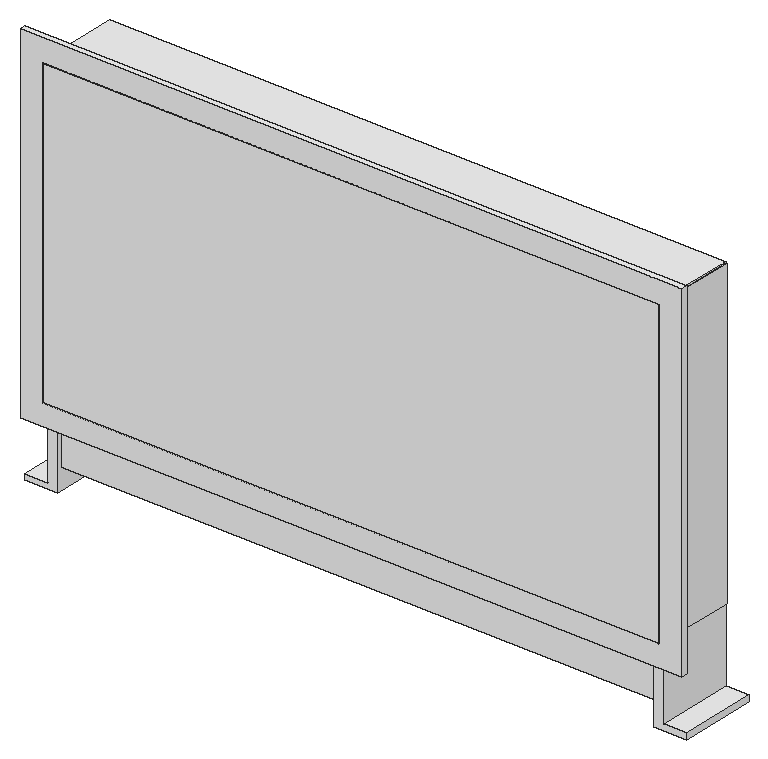
Revit family "1R553FPDB 1031IT_HIGH FLOW", category Pipe Accessories, Revit 2018
Family settings
  Round Connector Dimension = Use Diameter
  Part Type = Normal
  OmniClass Number = 23.65.00.00
  OmniClass Title = Supply and Distribution of Liquids and Gases
  Work Plane-Based = No
  Always vertical = Yes
  Cut with Voids When Loaded = No
  Shared = No
Parameters (values of type "R553FPDB272")
  URL = "https://www.giacomini.com/en"
  T = 35 mm
  Product specification = "Pre-assembled modular manifold with dynamic balancing. Connections: 1” x 3/4”E. Consisting of: technopolymer delivery\r\nmanifold with fl ow meters with double scale 0,5÷5 l/min&0,15÷1,5 GPM, and fl uid shut-off function; technopolymer return\r\nmanifold with dynamic fl ow balancing valves (membrane with black color) and manual handwheel pre-arranged for thermoelectric\r\nactuators. Multifunction valves with drain cock, automatic air vent valve, thermometer and shut-off valve. EPDM\r\ngaskets. Galvanised steel brackets for manifolds. Fluids: water, glycol solutions (max. 30%). Center distance between outlets:\r\n50 mm. Temperature range: 5÷60 °C. Max. working pressure: 6 bar (10 bar for system testing). Max. diff erential pressure with\r\nthermo-electric actuators installed: 1,5 bar. Flow rate setting range for each individual circuit: 10÷1250 l/h. Working diff erential\r\npressure range: 30/40÷150 kPa.\r\n"  # constant formula
  P = 500 mm
  O = 190 mm
  N = 179 mm
  Model = "R553FPDB272"
  Metal Door [instance] = yes
  Metal Box [instance] = yes
  Manufacturer = "Giacomini S.p.A."  # constant formula
  Manifold 9 = 438 mm
  Manifold 8 = 388 mm
  Manifold 7 = 338 mm
  Manifold 6 = 288 mm
  Manifold 5 = 238 mm
  Manifold 4 = 188 mm
  Manifold 3 = 138 mm
  Manifold 2 = 88 mm
  Manifold 12 = yes
  Manifold 11 = yes
  Manifold 10 = yes
  Manifold 09 = yes
  Manifold 08 = yes
  Manifold 07 = yes
  Manifold 06 = yes
  Manifold 05 = yes
  Manifold 03 = yes
  Manifold 04 = yes
  Manifold .12 = 588 mm
  Manifold .11 = 538 mm
  Manifold .10 = 488 mm
  M = 50 mm
  Logo [instance] = no
  L1 = 1068 mm
  L = 758 mm
  I = 50 mm
  H2 = 492 mm
  H1 = 562 mm
  H = 406.83 mm
  F = 109 mm
  E = 208 mm
  Description = "Preassembled manifold for HVAC systems "  # constant formula
  D = 95 mm
  Capitolato prodotto = "Collettore premontato modulare con bilanciamento dinamico della portata. Attacchi: G 1”F x 3/4”E. Composto da: un\r\ncollettore di mandata in tecnopolimero, con misuratori di portata con doppia scala 0,5÷5 l/min e 0,15÷1,5 GPM, con funzione\r\ndi intercettazione del fl uido; un collettore di ritorno in tecnopolimero, con valvole di bilanciamento dinamico della portata con\r\nmembrana di colore nero e volantino manuale, predisposte per comando elettrotermico; valvole multifunzione con rubinetto\r\ndi scarico, valvola automatica di sfogo aria e valvola di intercettazione a sfera. Guarnizioni in EPDM. Supporti collettori in\r\nacciaio zincato. Fluidi di impiego: acqua, soluzioni glicolate (max. 30 %). Interasse tra gli stacchi 50 mm. Campo di temperatura\r\n5÷60 °C. Pressione massima di esercizio: 6 bar. Pressione diff erenziale massima con teste elettrotermiche montate: 1,5 bar.\r\nCampo di regolazione della portata sul singolo circuito: 10÷250 l/h. Campo di pressione diff erenziale di funzionamento:\r\n30/40÷150 kPa.\r\n"  # constant formula
  C = 43 mm
  Bracket [instance] = yes
  A = 165 mm
Reference planes
  plane 1 "Center (Front/Back)": y = 0
  plane 2: z = 0
  plane 3 "Center (Left/Right)": x = 0
  plane 4: y = -35
  plane 5: x = 38
  plane 6: z = 277.057
  plane 7: z = 59
  plane 8: x = 63
  plane 9: x = 563
  plane 10: x = 88
  plane 11: x = 138
  plane 12: x = 188
  plane 13: x = 238
  plane 14: x = 288
  plane 15: x = 338
  plane 16: x = 388
  plane 17: x = 438
  plane 18: x = 488
  plane 19: x = 538
  plane 20: y = -86
  plane 21: z = 69.057
  plane 22: z = 145.574
  plane 23: z = 195.574
  plane 24: y = -100
  plane 25: x = 341
  plane 26: x = -170.5
  plane 27: x = 85.25
  plane 28: z = 436.17
  plane 29: z = -55.83
  plane 30: z = 190.17
  plane 31: x = -127
  plane 32: z = -9.83
  plane 33: z = 64.057
  plane 34: x = -127
  plane 35: z = 85.17
  plane 36: x = 174.088
  plane 37: x = 631
Forms (mm)
  Extrusion 1, solid, material "Giacomini Box", visible <- "Metal Door"
    sketch origin (0, 0, 0) x (1, 0, 0) y (0, 0, 1)
      loop
        line (-170.5, 436.17) -> (-170.5, -55.83) -> (823.5, -55.83) -> (823.5, 436.17) -> (-170.5, 436.17)
    from 125 to 135
  Revolve 2, solid, material "Giacomini Gray"
    sketch origin (0, -36.815, 200.625) x (1, 0, 0) y (0, 0, 1)
      loop
        line (21.396, 76.43) -> (21.396, 95.421) -> (19.2, 95.421) -> (17.792, 96.829) -> (1.754, 96.829) -> (0.346, 95.421) -> (-2.5, 95.421) -> (-7.037, 90.884) -> (-37.986, 90.884) -> (-37.986, 76.43) -> (21.396, 76.43)
      axis (-37.986, 76.43) -> (21.396, 76.43)
    angle from 0 to 360
  Revolve 3, solid, material "Giacomini Gray"
    sketch origin (2.5, -54.315, 8.741) x (1, 0, 0) y (0, 0, 1)
      loop
        line (21.396, 76.43) -> (21.396, 95.421) -> (19.2, 95.421) -> (17.792, 96.829) -> (1.754, 96.829) -> (0.346, 95.421) -> (-2.5, 95.421) -> (-7.037, 90.884) -> (-40.486, 90.884) -> (-40.486, 76.43) -> (21.396, 76.43)
      axis (-40.486, 76.43) -> (21.396, 76.43)
    angle from 0 to 360
Dimensions and locks
  "T": plane 1 "Center (Front/Back)" to plane 4
  plane 6 to plane 21 = 208 mm
  "P": plane 8 to plane 9
  plane 10 to plane 5 = 50 mm
  "Manifold 3": plane 11 to plane 3 "Center (Left/Right)"
  "Manifold 4": plane 3 "Center (Left/Right)" to plane 12
  "Manifold 5": plane 3 "Center (Left/Right)" to plane 13
  "Manifold 6": plane 3 "Center (Left/Right)" to plane 14
  "Manifold 7": plane 3 "Center (Left/Right)" to plane 15
  "Manifold 8": plane 3 "Center (Left/Right)" to plane 16
  "Manifold 9": plane 3 "Center (Left/Right)" to plane 17
  "Manifold .10": plane 3 "Center (Left/Right)" to plane 18
  "Manifold .11": plane 3 "Center (Left/Right)" to plane 19
  "Manifold 2": plane 3 "Center (Left/Right)" to plane 10
  "M": plane 23 to plane 22
  nested 2 to plane 23 = 179 mm
  plane 10 to plane 11 = 50 mm
  locked: plane 3 "Center (Left/Right)" to nested 22 at 207.5
  equal spacing: plane 28, plane 30, plane 29
  equal spacing: plane 26, plane 27, plane 25
  "O": plane 31 to plane 8
  "H": nested 2 to plane 32
  "A": plane 5 to plane 31
  plane 8 to plane 25 = 278 mm  (x2)
  plane 8 to nested 24 = 190 mm
  plane 35 to plane 32 = 95 mm
  plane 36 to nested 23 = 301.088 mm
  "L": plane 37 to plane 31
  plane 1 "Center (Front/Back)" to nested 23 = 53.75 mm
  aligned and locked: level to plane 2
  aligned and locked: nested 2 to plane 8
  aligned and locked: plane 5 to nested 1
  aligned and locked: nested 4 to plane 11
  aligned and locked: nested 12 to plane 12
  aligned and locked: nested 5 to plane 12
  aligned and locked: nested 6 to plane 13
  aligned and locked: nested 13 to plane 13
  aligned and locked: nested 7 to plane 14
  aligned and locked: plane 14 to nested 14
  aligned and locked: nested 8 to plane 15
  aligned and locked: nested 15 to plane 15
  aligned and locked: nested 16 to plane 16
  aligned and locked: nested 17 to plane 17
  aligned and locked: nested 10 to plane 18
  aligned and locked: nested 18 to plane 18
  aligned and locked: nested 11 to plane 19
  aligned and locked: nested 19 to plane 19
  aligned and locked: nested 20 to plane 17
  aligned and locked: plane 16 to nested 21
  aligned and locked: Extrusion 1 sketch curve to nested 22  (x2)
  aligned and locked: nested 22 to Extrusion 1 sketch curve  (x2)
  aligned and locked: plane 26 to Extrusion 1
  aligned and locked: Extrusion 1 to plane 28
  aligned and locked: plane 29 to Extrusion 1
  aligned and locked: nested 22 to plane 26
  aligned and locked: Revolve 2 to nested 24
  aligned and locked: plane 5 to nested 9
  aligned and locked: plane 34 to nested 24
  aligned and locked: nested 23 to plane 34
  aligned and locked: plane 22 to nested 2
  aligned and locked: Revolve 3 to nested 23
  aligned and locked: nested 26 to plane 9
  aligned and locked: plane 11 to nested 27
  aligned and locked: plane 37 to nested 28
  aligned and locked: Extrusion 1 to nested 22
  aligned and locked: nested 29 to plane 37
  aligned and locked: plane 1 "Center (Front/Back)" to nested 2
Automatic sketch dimensions
  plane 6 to Revolve 2 sketch curve = 0.002 mm  (x2)
  Revolve 2 sketch curve to plane 3 "Center (Left/Right)" = 37.986 mm
  Revolve 2 sketch curve to plane 3 "Center (Left/Right)" = 7.037 mm
  Revolve 2 sketch curve to plane 3 "Center (Left/Right)" = 2.5 mm
  plane 3 "Center (Left/Right)" to Revolve 2 sketch curve = 0.346 mm
  plane 3 "Center (Left/Right)" to Revolve 2 sketch curve = 1.754 mm
  Revolve 2 sketch curve to Revolve 2 sketch curve = 16.038 mm
  Revolve 2 sketch curve to Revolve 2 sketch curve = 1.408 mm  (x2)
  Revolve 2 sketch curve to plane 5 = 16.604 mm
  Revolve 2 sketch curve to plane 6 = 14.452 mm
  Revolve 2 sketch curve to plane 6 = 18.99 mm
  Revolve 2 sketch curve to Revolve 2 sketch curve = 4.537 mm
  Revolve 2 sketch curve to Revolve 2 sketch curve = 0 mm
  Revolve 2 sketch curve to Revolve 2 sketch curve = 7.123 mm
  Revolve 3 sketch curve to plane 35 = 0 mm  (x2)
  Revolve 3 sketch curve to plane 3 "Center (Left/Right)" = 0 mm
  Revolve 3 sketch curve to plane 3 "Center (Left/Right)" = 4.537 mm
  Revolve 3 sketch curve to Revolve 3 sketch curve = 33.449 mm
  Revolve 3 sketch curve to Revolve 3 sketch curve = 2.846 mm
  Revolve 3 sketch curve to Revolve 3 sketch curve = 1.408 mm  (x3)
  Revolve 3 sketch curve to Revolve 3 sketch curve = 16.038 mm
  Revolve 3 sketch curve to plane 5 = 14.104 mm
  Revolve 3 sketch curve to plane 35 = 14.454 mm
  Revolve 3 sketch curve to plane 35 = 18.992 mm
  Revolve 3 sketch curve to Revolve 3 sketch curve = 4.537 mm
  Revolve 3 sketch curve to Revolve 3 sketch curve = 2.5 mm
  Revolve 3 sketch curve to plane 5 = 6.98 mm
Nested families
  nested 1: "CAP" at (38, -60.219, 33.631), type "CAP"
  nested 2: "Bracket" at (63, 0, 18), visible <- "Bracket", type "Bracket"
  nested 3: "CAP" at (88, -60.219, 33.631), type "CAP"
  nested 4: "Inlet Regulator" at (138, -35, 215.298), visible <- "Manifold 03", type "Inlet Regulator"
  nested 5: "Inlet Regulator" at (188, -35, 215.298), visible <- "Manifold 04", type "Inlet Regulator"
  nested 6: "Inlet Regulator" at (238, -35, 215.298), visible <- "Manifold 05", type "Inlet Regulator"
  nested 7: "Inlet Regulator" at (288, -35, 215.298), visible <- "Manifold 06", type "Inlet Regulator"
  nested 8: "Inlet Regulator" at (338, -35, 215.298), visible <- "Manifold 07", type "Inlet Regulator"
  nested 9: "Inlet Regulator" at (38, -35, 215.298), type "Inlet Regulator"
  nested 10: "Inlet Regulator" at (488, -35, 215.298), visible <- "Manifold 10", type "Inlet Regulator"
  nested 11: "Inlet Regulator" at (538, -35, 215.298), visible <- "Manifold 11", type "Inlet Regulator"
  nested 12: "CAP" at (188, -60.219, 33.631), visible <- "Manifold 04", type "CAP"
  nested 13: "CAP" at (238, -60.219, 33.631), visible <- "Manifold 05", type "CAP"
  nested 14: "CAP" at (288, -60.219, 33.631), visible <- "Manifold 06", type "CAP"
  nested 15: "CAP" at (338, -60.219, 33.631), visible <- "Manifold 07", type "CAP"
  nested 16: "CAP" at (388, -60.219, 33.631), visible <- "Manifold 08", type "CAP"
  nested 17: "CAP" at (438, -60.219, 33.631), visible <- "Manifold 09", type "CAP"
  nested 18: "CAP" at (488, -60.219, 33.631), visible <- "Manifold 10", type "CAP"
  nested 19: "CAP" at (538, -60.219, 33.631), visible <- "Manifold 12", type "CAP"
  nested 20: "Inlet Regulator" at (438, -35, 215.298), visible <- "Manifold 09", type "Inlet Regulator"
  nested 21: "Inlet Regulator" at (388, -35, 215.298), visible <- "Manifold 08", type "Inlet Regulator"
  nested 22: "METAL FRAME" at (326.5, -90, -90.83), H1 <- "H1", H2 <- "H2", L1 <- "L1", visible <- "Metal Box", type "METAL FRAME"
    with S1 37 mm, L1 1068 mm, H2 492 mm, H1 562 mm
  nested 23: "Cold water ball valve" at (-127, -53.75, 60.17) x (0, 1, 0) z (0, 0, 1), type "cold water ball valve"
    with LOGO yes
  nested 24: "Hot water ball valve" at (-127, -35, 252.057) x (0, 1, 0) z (0, 0, 1), type "Hot Water ball valve"
    with LOGO yes
  nested 25: "last regulator" at (88.479, -40.128, 215.298), visible <- "Manifold 12", type "last regulator"
  nested 26: "Bracket" at (563, 0, 18), visible <- "Bracket", type "Bracket"
  nested 27: "CAP" at (138, -60.219, 33.631), visible <- "Manifold 03", type "CAP"
  nested 28: "last regulator" at (588.479, -35, 215.298), visible <- "Manifold 12", type "last regulator"
  nested 29: "CAP Last " at (587.889, -60.219, 33.631), visible <- "Manifold 12", type "CAP Last "
  nested 30: "Giacomini Logo" at (-127, -35.25, 250.171) x (0, 1, 0) z (0, 0, 1), visible <- "Logo", type "Hot Water ball valve"
    with Material Giacomini Brass
  nested 31: "Giacomini Logo" at (-127, -55.25, 58.506) x (0, 1, 0) z (0, 0, 1), visible <- "Logo", type "Hot Water ball valve"
    with Material Giacomini Brass
Connectors
  piping at (38, -60.219, 45.673), diameter 19.1
    settings: on nested 1, index 1, connector inside diameter 609.6 mm, connector length 0 mm, flow factor 0, pipe flow 0.0 m³/h, pressure drop 0.0 Pa, fitting loss kfactor 0, connector angle 0.00°, fixture units 0, engagement length 0 mm, angle of deflection 0.00°, flow configuration 0, flow direction 0, fitting loss method 0, system type 29, joint type 0, gender type 0, connector reference index -1, connector utility 0, adjustable connector no, is connector primary yes, connector description ""
  piping at (88, -60.219, 45.673), diameter 19.1
    settings: on nested 3, index 2, connector inside diameter 609.6 mm, connector length 0 mm, flow factor 0, pipe flow 0.0 m³/h, pressure drop 0.0 Pa, fitting loss kfactor 0, connector angle 0.00°, fixture units 0, engagement length 0 mm, angle of deflection 0.00°, flow configuration 0, flow direction 0, fitting loss method 0, system type 29, joint type 0, gender type 0, connector reference index -1, connector utility 0, adjustable connector no, is connector primary no, connector description ""
  piping at (188, -60.219, 45.673), diameter 19.1
    settings: on nested 12, index 4, connector inside diameter 609.6 mm, connector length 0 mm, flow factor 0, pipe flow 0.0 m³/h, pressure drop 0.0 Pa, fitting loss kfactor 0, connector angle 0.00°, fixture units 0, engagement length 0 mm, angle of deflection 0.00°, flow configuration 0, flow direction 0, fitting loss method 0, system type 29, joint type 0, gender type 0, connector reference index -1, connector utility 0, adjustable connector no, is connector primary no, connector description ""
  piping at (238, -60.219, 45.673), diameter 19.1
    settings: on nested 13, index 5, connector inside diameter 609.6 mm, connector length 0 mm, flow factor 0, pipe flow 0.0 m³/h, pressure drop 0.0 Pa, fitting loss kfactor 0, connector angle 0.00°, fixture units 0, engagement length 0 mm, angle of deflection 0.00°, flow configuration 0, flow direction 0, fitting loss method 0, system type 29, joint type 0, gender type 0, connector reference index -1, connector utility 0, adjustable connector no, is connector primary no, connector description ""
  piping at (288, -60.219, 45.673), diameter 19.1
    settings: on nested 14, index 6, connector inside diameter 609.6 mm, connector length 0 mm, flow factor 0, pipe flow 0.0 m³/h, pressure drop 0.0 Pa, fitting loss kfactor 0, connector angle 0.00°, fixture units 0, engagement length 0 mm, angle of deflection 0.00°, flow configuration 0, flow direction 0, fitting loss method 0, system type 29, joint type 0, gender type 0, connector reference index -1, connector utility 0, adjustable connector no, is connector primary no, connector description ""
  piping at (338, -60.219, 45.673), diameter 19.1
    settings: on nested 15, index 7, connector inside diameter 609.6 mm, connector length 0 mm, flow factor 0, pipe flow 0.0 m³/h, pressure drop 0.0 Pa, fitting loss kfactor 0, connector angle 0.00°, fixture units 0, engagement length 0 mm, angle of deflection 0.00°, flow configuration 0, flow direction 0, fitting loss method 0, system type 29, joint type 0, gender type 0, connector reference index -1, connector utility 0, adjustable connector no, is connector primary no, connector description ""
  piping at (388, -60.219, 45.673), diameter 19.1
    settings: on nested 16, index 8, connector inside diameter 609.6 mm, connector length 0 mm, flow factor 0, pipe flow 0.0 m³/h, pressure drop 0.0 Pa, fitting loss kfactor 0, connector angle 0.00°, fixture units 0, engagement length 0 mm, angle of deflection 0.00°, flow configuration 0, flow direction 0, fitting loss method 0, system type 29, joint type 0, gender type 0, connector reference index -1, connector utility 0, adjustable connector no, is connector primary no, connector description ""
  piping at (438, -60.219, 45.673), diameter 19.1
    settings: on nested 17, index 9, connector inside diameter 609.6 mm, connector length 0 mm, flow factor 0, pipe flow 0.0 m³/h, pressure drop 0.0 Pa, fitting loss kfactor 0, connector angle 0.00°, fixture units 0, engagement length 0 mm, angle of deflection 0.00°, flow configuration 0, flow direction 0, fitting loss method 0, system type 29, joint type 0, gender type 0, connector reference index -1, connector utility 0, adjustable connector no, is connector primary no, connector description ""
  piping at (488, -60.219, 45.673), diameter 19.1
    settings: on nested 18, index 10, connector inside diameter 609.6 mm, connector length 0 mm, flow factor 0, pipe flow 0.0 m³/h, pressure drop 0.0 Pa, fitting loss kfactor 0, connector angle 0.00°, fixture units 0, engagement length 0 mm, angle of deflection 0.00°, flow configuration 0, flow direction 0, fitting loss method 0, system type 29, joint type 0, gender type 0, connector reference index -1, connector utility 0, adjustable connector no, is connector primary no, connector description ""
  piping at (538, -60.219, 45.673), diameter 19.1
    settings: on nested 19, index 11, connector inside diameter 609.6 mm, connector length 0 mm, flow factor 0, pipe flow 0.0 m³/h, pressure drop 0.0 Pa, fitting loss kfactor 0, connector angle 0.00°, fixture units 0, engagement length 0 mm, angle of deflection 0.00°, flow configuration 0, flow direction 0, fitting loss method 0, system type 29, joint type 0, gender type 0, connector reference index -1, connector utility 0, adjustable connector no, is connector primary no, connector description ""
  piping at (138, -34.991, 232.597), diameter 19.1
    settings: on nested 4, index 15, connector inside diameter 609.6 mm, connector length 0 mm, flow factor 0, pipe flow 0.0 m³/h, pressure drop 0.0 Pa, fitting loss kfactor 0, connector angle 0.00°, fixture units 0, engagement length 0 mm, angle of deflection 0.00°, flow configuration 0, flow direction 0, fitting loss method 0, system type 29, joint type 0, gender type 0, connector reference index -1, connector utility 0, adjustable connector no, is connector primary no, connector description ""
  piping at (188, -34.991, 232.597), diameter 19.1
    settings: on nested 5, index 16, connector inside diameter 609.6 mm, connector length 0 mm, flow factor 0, pipe flow 0.0 m³/h, pressure drop 0.0 Pa, fitting loss kfactor 0, connector angle 0.00°, fixture units 0, engagement length 0 mm, angle of deflection 0.00°, flow configuration 0, flow direction 0, fitting loss method 0, system type 29, joint type 0, gender type 0, connector reference index -1, connector utility 0, adjustable connector no, is connector primary no, connector description ""
  piping at (238, -34.991, 232.597), diameter 19.1
    settings: on nested 6, index 17, connector inside diameter 609.6 mm, connector length 0 mm, flow factor 0, pipe flow 0.0 m³/h, pressure drop 0.0 Pa, fitting loss kfactor 0, connector angle 0.00°, fixture units 0, engagement length 0 mm, angle of deflection 0.00°, flow configuration 0, flow direction 0, fitting loss method 0, system type 29, joint type 0, gender type 0, connector reference index -1, connector utility 0, adjustable connector no, is connector primary no, connector description ""
  piping at (288, -34.991, 232.597), diameter 19.1
    settings: on nested 7, index 18, connector inside diameter 609.6 mm, connector length 0 mm, flow factor 0, pipe flow 0.0 m³/h, pressure drop 0.0 Pa, fitting loss kfactor 0, connector angle 0.00°, fixture units 0, engagement length 0 mm, angle of deflection 0.00°, flow configuration 0, flow direction 0, fitting loss method 0, system type 29, joint type 0, gender type 0, connector reference index -1, connector utility 0, adjustable connector no, is connector primary no, connector description ""
  piping at (338, -34.991, 232.597), diameter 19.1
    settings: on nested 8, index 19, connector inside diameter 609.6 mm, connector length 0 mm, flow factor 0, pipe flow 0.0 m³/h, pressure drop 0.0 Pa, fitting loss kfactor 0, connector angle 0.00°, fixture units 0, engagement length 0 mm, angle of deflection 0.00°, flow configuration 0, flow direction 0, fitting loss method 0, system type 29, joint type 0, gender type 0, connector reference index -1, connector utility 0, adjustable connector no, is connector primary no, connector description ""
  piping at (38, -34.991, 232.597), diameter 19.1
    settings: on nested 9, index 20, connector inside diameter 609.6 mm, connector length 0 mm, flow factor 0, pipe flow 0.0 m³/h, pressure drop 0.0 Pa, fitting loss kfactor 0, connector angle 0.00°, fixture units 0, engagement length 0 mm, angle of deflection 0.00°, flow configuration 0, flow direction 0, fitting loss method 0, system type 29, joint type 0, gender type 0, connector reference index -1, connector utility 0, adjustable connector no, is connector primary no, connector description ""
  piping at (488, -34.991, 232.597), diameter 19.1
    settings: on nested 10, index 22, connector inside diameter 609.6 mm, connector length 0 mm, flow factor 0, pipe flow 0.0 m³/h, pressure drop 0.0 Pa, fitting loss kfactor 0, connector angle 0.00°, fixture units 0, engagement length 0 mm, angle of deflection 0.00°, flow configuration 0, flow direction 0, fitting loss method 0, system type 29, joint type 0, gender type 0, connector reference index -1, connector utility 0, adjustable connector no, is connector primary no, connector description ""
  piping at (538, -34.991, 232.597), diameter 19.1
    settings: on nested 11, index 23, connector inside diameter 609.6 mm, connector length 0 mm, flow factor 0, pipe flow 0.0 m³/h, pressure drop 0.0 Pa, fitting loss kfactor 0, connector angle 0.00°, fixture units 0, engagement length 0 mm, angle of deflection 0.00°, flow configuration 0, flow direction 0, fitting loss method 0, system type 29, joint type 0, gender type 0, connector reference index -1, connector utility 0, adjustable connector no, is connector primary no, connector description ""
  piping at (388, -34.991, 232.597), diameter 19.1
    settings: on nested 21, index 25, connector inside diameter 609.6 mm, connector length 0 mm, flow factor 0, pipe flow 0.0 m³/h, pressure drop 0.0 Pa, fitting loss kfactor 0, connector angle 0.00°, fixture units 0, engagement length 0 mm, angle of deflection 0.00°, flow configuration 0, flow direction 0, fitting loss method 0, system type 29, joint type 0, gender type 0, connector reference index -1, connector utility 0, adjustable connector no, is connector primary no, connector description ""
  piping at (438, -34.991, 232.597), diameter 19.1
    settings: on nested 20, index 26, connector inside diameter 609.6 mm, connector length 0 mm, flow factor 0, pipe flow 0.0 m³/h, pressure drop 0.0 Pa, fitting loss kfactor 0, connector angle 0.00°, fixture units 0, engagement length 0 mm, angle of deflection 0.00°, flow configuration 0, flow direction 0, fitting loss method 0, system type 29, joint type 0, gender type 0, connector reference index -1, connector utility 0, adjustable connector no, is connector primary no, connector description ""
  piping at (138, -60.219, 45.673), diameter 19.1
    settings: on nested 27, index 27, connector inside diameter 609.6 mm, connector length 0 mm, flow factor 0, pipe flow 0.0 m³/h, pressure drop 0.0 Pa, fitting loss kfactor 0, connector angle 0.00°, fixture units 0, engagement length 0 mm, angle of deflection 0.00°, flow configuration 0, flow direction 0, fitting loss method 0, system type 29, joint type 0, gender type 0, connector reference index -1, connector utility 0, adjustable connector no, is connector primary no, connector description ""
  piping at (88.479, -40.119, 232.597), diameter 19.1
    settings: on nested 25, index 28, connector inside diameter 609.6 mm, connector length 0 mm, flow factor 0, pipe flow 0.0 m³/h, pressure drop 0.0 Pa, fitting loss kfactor 0, connector angle 0.00°, fixture units 0, engagement length 0 mm, angle of deflection 0.00°, flow configuration 0, flow direction 0, fitting loss method 0, system type 29, joint type 0, gender type 0, connector reference index -1, connector utility 0, adjustable connector no, is connector primary no, connector description ""
  piping at (-127, -35, 277.057), diameter 25.4
    settings: on nested 24, index 29, connector inside diameter 609.6 mm, connector length 0 mm, flow factor 0, pipe flow 0.0 m³/h, pressure drop 0.0 Pa, fitting loss kfactor 0, connector angle 0.00°, fixture units 0, engagement length 0 mm, angle of deflection 0.00°, flow configuration 0, flow direction 1, fitting loss method 0, system type 7, joint type 0, gender type 0, connector reference index -1, connector utility 0, adjustable connector no, is connector primary no, connector description ""
  piping at (-127, -53.75, 85.17), diameter 25.4
    settings: on nested 23, index 30, connector inside diameter 609.6 mm, connector length 0 mm, flow factor 0, pipe flow 0.0 m³/h, pressure drop 0.0 Pa, fitting loss kfactor 0, connector angle 0.00°, fixture units 0, engagement length 0 mm, angle of deflection 0.00°, flow configuration 0, flow direction 2, fitting loss method 0, system type 8, joint type 0, gender type 0, connector reference index -1, connector utility 0, adjustable connector no, is connector primary no, connector description ""
  piping at (588.479, -34.991, 232.597), diameter 19.1
    settings: on nested 28, index 31, connector inside diameter 609.6 mm, connector length 0 mm, flow factor 0, pipe flow 0.0 m³/h, pressure drop 0.0 Pa, fitting loss kfactor 0, connector angle 0.00°, fixture units 0, engagement length 0 mm, angle of deflection 0.00°, flow configuration 0, flow direction 0, fitting loss method 0, system type 29, joint type 0, gender type 0, connector reference index -1, connector utility 0, adjustable connector no, is connector primary no, connector description ""
  piping at (587.889, -60.219, 45.673), diameter 19.1
    settings: on nested 29, index 32, connector inside diameter 609.6 mm, connector length 0 mm, flow factor 0, pipe flow 0.0 m³/h, pressure drop 0.0 Pa, fitting loss kfactor 0, connector angle 0.00°, fixture units 0, engagement length 0 mm, angle of deflection 0.00°, flow configuration 0, flow direction 0, fitting loss method 0, system type 29, joint type 0, gender type 0, connector reference index -1, connector utility 0, adjustable connector no, is connector primary no, connector description ""
Definition of nested family "CAP"
  Reference planes
    plane 1 "Center (Front/Back)": y = 0
    plane 2: z = 0
    plane 3 "Center (Left/Right)": x = 0
    plane 4: y = -18.487
    plane 5: y = 18.365
    plane 6: y = 0
    plane 7: x = 50
    plane 8: z = 12.042
    plane 9: z = 91.037
    plane 10: z = 51.54
  Forms (mm)
    Extrusion 1, solid
      sketch origin (-0.186, 0, 9.763) x (1, 0, 0) y (0, 1, 0)
        loop
          line (14, 0) -> (7, 12.124) -> (-7, 12.124) -> (-14, 0) -> (-7, -12.124) -> (7, -12.124) -> (14, 0)
        loop
          circle (0, 0) r 10
      from 14.741 to 21.458
    Revolve 2, solid
      sketch origin (0, -0.255, 14.816) x (0, 1, 0) y (0, 0, 1)
        loop
          line (-10.111, 5.44) -> (-11.69, 3.861) -> (-10.742, 2.913) -> (-11.69, 1.965) -> (-10.742, 1.017) -> (-11.69, 0.07) -> (-10.742, -0.878) -> (-11.69, -1.826) -> (-10.742, -2.774) -> (-8.739, -2.774) -> (-8.739, 9.688) -> (-10.111, 9.688) -> (-10.111, 5.44)
        axis (0.255, 9.688) -> (0.255, -2.774)
      angle from 0 to 360
    Extrusion 3, solid
      sketch origin (0, 0, 0.403) x (1, 0, 0) y (0, 1, 0)
        loop
          line (14.104, 8.143) -> (0, 16.286) -> (-14.104, 8.143) -> (-14.104, -8.143) -> (0, -16.286) -> (14.104, -8.143) -> (14.104, 8.143)
        loop
          circle (0, 0) r 13.143
      from 69.435 to 69.99
    Revolve 4, solid
      sketch origin (0, 0, 0) x (1, 0, 0) y (0, 0, 1)
        loop
          line (0, 69.838) -> (-14.186, 69.838) -> (-14.186, 31.222) -> (0, 31.222) -> (0, 69.838)
        axis (0, 69.838) -> (0, 31.222)
      angle from 0 to 360
    Revolve 5, solid
      sketch origin (0, 0, -1.25) x (1, 0, 0) y (0, 0, 1)
        loop
          line (14.116, 51.54) -> (36.088, 51.54) -> (36.088, 69.735) -> (33.471, 71.246) -> (16.733, 71.246) -> (14.116, 69.735) -> (14.116, 51.54)
        axis (14.116, 51.54) -> (36.088, 51.54)
      angle from 0 to 360
    Extrusion 6, solid
      sketch origin (0, 0, 0) x (1, 0, 0) y (0, 1, 0)
        loop
          arc (-1.222, 15.953) -> (-6.252, 14.728) -> (-10.627, 11.961) r 16
          arc (-10.627, 11.961) -> (-12.355, 11.931) -> (-12.325, 10.203) r 1.222
          arc (-12.325, 10.203) -> (-14.835, 5.994) -> (-15.953, 1.222) r 16
          arc (-15.953, 1.222) -> (-17.176, 0) -> (-15.953, -1.222) r 1.222
          arc (-15.953, -1.222) -> (-14.835, -5.994) -> (-12.325, -10.203) r 16
          arc (-12.325, -10.203) -> (-12.355, -11.931) -> (-10.627, -11.961) r 1.222
          arc (-10.627, -11.961) -> (-6.252, -14.728) -> (-1.222, -15.953) r 16
          arc (-1.222, -15.953) -> (0, -17.176) -> (1.222, -15.953) r 1.222
          arc (1.222, -15.953) -> (6.252, -14.728) -> (10.627, -11.961) r 16
          arc (10.627, -11.961) -> (12.355, -11.931) -> (12.325, -10.203) r 1.222
          arc (12.325, -10.203) -> (14.835, -5.994) -> (15.953, -1.222) r 16
          arc (15.953, -1.222) -> (17.176, 0) -> (15.953, 1.222) r 1.222
          arc (15.953, 1.222) -> (14.835, 5.994) -> (12.325, 10.203) r 16
          arc (12.325, 10.203) -> (12.355, 11.931) -> (10.627, 11.961) r 1.222
          arc (10.627, 11.961) -> (6.252, 14.728) -> (1.222, 15.953) r 16
          arc (1.222, 15.953) -> (0, 17.176) -> (-1.222, 15.953) r 1.222
      from 70.393 to 91.037
  Dimensions and locks
    plane 9 to plane 8 = 78.994 mm
    equal spacing: plane 9, plane 10, plane 8
    aligned and locked: level to plane 2
  Automatic sketch dimensions
    plane 1 "Center (Front/Back)" to Extrusion 1 sketch curve = 0 mm  (x3)
    Extrusion 1 sketch curve to plane 3 "Center (Left/Right)" = 14.186 mm
    Extrusion 1 sketch curve to plane 3 "Center (Left/Right)" = 7.186 mm  (x2)
    Extrusion 1 sketch curve to plane 3 "Center (Left/Right)" = 0.186 mm
    plane 3 "Center (Left/Right)" to Extrusion 1 sketch curve = 6.814 mm  (x2)
    plane 3 "Center (Left/Right)" to Extrusion 1 sketch curve = 13.814 mm
    plane 4 to Extrusion 1 sketch curve = 6.363 mm
    Extrusion 1 sketch curve to plane 5 = 6.24 mm
    plane 8 to Revolve 2 sketch curve = 0 mm
    Revolve 2 sketch curve to plane 1 "Center (Front/Back)" = 0 mm
    plane 1 "Center (Front/Back)" to Revolve 2 sketch curve = 8.993 mm
    Revolve 2 sketch curve to Revolve 2 sketch curve = 1.372 mm
    Revolve 2 sketch curve to Revolve 2 sketch curve = 2.004 mm
    Revolve 2 sketch curve to plane 8 = 1.896 mm
    Revolve 2 sketch curve to Revolve 2 sketch curve = 0 mm  (x2)
    Revolve 2 sketch curve to Revolve 2 sketch curve = 0.632 mm
    Revolve 2 sketch curve to plane 8 = 4.739 mm
    Revolve 2 sketch curve to Revolve 2 sketch curve = 0.948 mm  (x2)
    Revolve 2 sketch curve to plane 8 = 2.843 mm
    Revolve 2 sketch curve to Revolve 2 sketch curve = 4.248 mm
    plane 8 to Revolve 2 sketch curve = 2.279 mm
    Revolve 2 sketch curve to Revolve 2 sketch curve = 1.125 mm
    Extrusion 3 sketch curve to plane 3 "Center (Left/Right)" = 0 mm  (x3)
    plane 1 "Center (Front/Back)" to Extrusion 3 sketch curve = 0 mm
    Extrusion 3 sketch curve to plane 3 "Center (Left/Right)" = 14.104 mm
    plane 3 "Center (Left/Right)" to Extrusion 3 sketch curve = 14.104 mm
    plane 1 "Center (Front/Back)" to Extrusion 3 sketch curve = 8.143 mm  (x2)
    plane 4 to Extrusion 3 sketch curve = 2.202 mm
    Extrusion 3 sketch curve to plane 1 "Center (Front/Back)" = 8.143 mm  (x2)
    Extrusion 3 sketch curve to plane 5 = 2.079 mm
    Revolve 4 sketch curve to plane 3 "Center (Left/Right)" = 0 mm  (x2)
    Revolve 4 sketch curve to plane 3 "Center (Left/Right)" = 14.186 mm
    plane 10 to Revolve 4 sketch curve = 20.318 mm
    Revolve 4 sketch curve to plane 10 = 18.298 mm
    level to Revolve 4 sketch curve = 5.869 mm
    Revolve 4 sketch curve to Revolve 4 sketch curve = 1.888 mm
    plane 10 to Revolve 5 sketch curve = 1.25 mm  (x2)
    plane 3 "Center (Left/Right)" to Revolve 5 sketch curve = 14.116 mm
    Revolve 5 sketch curve to Revolve 5 sketch curve = 2.617 mm  (x2)
    Revolve 5 sketch curve to plane 7 = 16.529 mm
    Revolve 5 sketch curve to plane 10 = 16.945 mm  (x2)
    Revolve 5 sketch curve to Revolve 5 sketch curve = 1.511 mm
    plane 3 "Center (Left/Right)" to Revolve 5 sketch curve = 7.026 mm
    Revolve 5 sketch curve to Revolve 5 sketch curve = 2.802 mm
    Extrusion 6 sketch curve to Extrusion 6 sketch curve = 0 mm  (x56)
    plane 1 "Center (Front/Back)" to Extrusion 6 sketch curve = 0 mm  (x3)
    Extrusion 6 sketch curve to plane 3 "Center (Left/Right)" = 0 mm  (x3)
    Extrusion 6 sketch curve to plane 5 = 7.282 mm  (x2)
    Extrusion 6 sketch curve to plane 3 "Center (Left/Right)" = 11.476 mm  (x2)
    plane 4 to Extrusion 6 sketch curve = 7.405 mm  (x2)
    Extrusion 6 sketch curve to Extrusion 6 sketch curve = 4.477 mm  (x2)
    plane 3 "Center (Left/Right)" to Extrusion 6 sketch curve = 11.476 mm  (x2)
    plane 4 to Extrusion 6 sketch curve = 2.534 mm
    Extrusion 6 sketch curve to plane 5 = 2.411 mm
    Extrusion 6 sketch curve to plane 3 "Center (Left/Right)" = 1.222 mm
    Extrusion 6 sketch curve to Extrusion 6 sketch curve = 1.222 mm
    Extrusion 6 sketch curve to Extrusion 6 sketch curve = 0.849 mm  (x6)
    radius of Extrusion 1 sketch curve = 10 mm
    radius of Extrusion 3 sketch curve = 13.143 mm
Definition of nested family "Bracket"
  Reference planes
    plane 1 "Center (Front/Back)": y = 0
    plane 2: z = 0
    plane 3 "Center (Left/Right)": x = 0
    plane 4: x = 10
    plane 5: x = -10
    plane 6: z = 14.576
    plane 7: y = -224.207
    plane 8: y = -224.207
    plane 9: y = -224.207
    plane 10: z = 356.574
    plane 11: z = 177.574
    plane 12: z = 127.574
    plane 13: z = 269
    plane 14: y = -98.5
    plane 15: z = 95
    plane 16: z = 379
    plane 17: z = 379
  Forms (mm)
    Extrusion 1, solid
      sketch origin (0, 0, 0) x (0, -1, 0) y (0, 0, -1)
        loop
          line (0, -379) -> (5, -379) -> (5, -342.42)
          arc (5, -342.42) -> (5.187, -340.71) -> (5.741, -339.081) r 7.894
          line (5.741, -339.081) -> (12.741, -324.087)
          arc (12.741, -324.087) -> (14.257, -319.411) -> (14.587, -314.507) r 20
          line (14.587, -314.507) -> (5.694, -216.278)
          arc (5.694, -216.278) -> (5.174, -206.823) -> (5, -197.356) r 258.289
          line (5, -197.356) -> (5, -107.74)
          arc (5, -107.74) -> (5.474, -105.358) -> (6.823, -103.338) r 6.225
          line (6.823, -103.338) -> (18.876, -91.285)
          arc (18.876, -91.285) -> (22.267, -86.211) -> (23.457, -80.226) r 15.64
          line (23.457, -80.226) -> (23.457, -22.504)
          arc (23.457, -22.504) -> (22.16, -15.98) -> (18.464, -10.449) r 17.049
          line (18.464, -10.449) -> (5.896, 2.119)
          arc (5.896, 2.119) -> (5.233, 3.111) -> (5, 4.282) r 3.06
          line (5, 4.282) -> (5, 12.5) -> (0, 12.5) -> (0, 4.282)
          arc (0, 4.282) -> (0.613, 1.198) -> (2.361, -1.417) r 8.06
          line (2.361, -1.417) -> (14.928, -13.985)
          arc (14.928, -13.985) -> (17.54, -17.894) -> (18.457, -22.504) r 12.049
          line (18.457, -22.504) -> (18.457, -80.226)
          arc (18.457, -80.226) -> (17.647, -84.298) -> (15.341, -87.75) r 10.64
          line (15.341, -87.75) -> (3.288, -99.803)
          arc (3.288, -99.803) -> (0.854, -103.445) -> (0, -107.74) r 11.225
          line (0, -107.74) -> (0, -197.356)
          arc (0, -197.356) -> (0.177, -207.006) -> (0.707, -216.644) r 263.289
          line (0.707, -216.644) -> (9.578, -314.528)
          arc (9.578, -314.528) -> (9.372, -318.338) -> (8.211, -321.972) r 15
          line (8.211, -321.972) -> (1.21, -336.966)
          arc (1.21, -336.966) -> (0.306, -339.627) -> (0, -342.42) r 12.894
          line (0, -342.42) -> (0, -379)
      from -10 to 10
    Extrusion 2, void
      sketch origin (0, 0, -3.594) x (1, 0, 0) y (0, 0, 1)
        loop
          arc (-10, 379.876) -> (-8.772, 381.447) -> (-7.078, 382.5) r 5.706
          line (-7.078, 382.5) -> (-10, 382.5) -> (-10, 379.876)
      from 5 to 0
    Extrusion 3, void
      sketch origin (0, 0, -3.594) x (-1, 0, 0) y (0, 0, -1)
        loop
          line (-10, -379.876) -> (-10, -382.5) -> (-7.078, -382.5)
          arc (-7.078, -382.5) -> (-8.772, -381.447) -> (-10, -379.876) r 5.706
      from 5 to 0
    Extrusion 4, void
      sketch origin (0, 0, 0) x (1, 0, 0) y (0, 0, 1)
        loop
          circle (0, 356.574) r 7.024
        loop
          circle (0, 177.574) r 7.003
        loop
          circle (0, 127.574) r 7
      from 5 to 0
    Extrusion 5, solid
      sketch origin (0, 0.625, 27.344) x (0, 1, 0) y (0, 0, 1)
        loop
          line (-16.898, 66.266) -> (-16.898, 63.839)
          arc (-16.898, 63.839) -> (-17.484, 62.425) -> (-18.898, 61.839) r 2
          line (-18.898, 61.839) -> (-73.031, 61.839)
          arc (-73.031, 61.839) -> (-76.264, 61.048) -> (-78.766, 58.854) r 7
          line (-78.766, 58.854) -> (-82.391, 53.676)
          arc (-82.391, 53.676) -> (-83.488, 52.714) -> (-84.905, 52.367) r 3.068
          line (-84.905, 52.367) -> (-99.125, 52.367) -> (-99.125, 50.367) -> (-84.905, 50.367)
          arc (-84.905, 50.367) -> (-82.564, 50.94) -> (-80.753, 52.529) r 5.068
          line (-80.753, 52.529) -> (-77.127, 57.707)
          arc (-77.127, 57.707) -> (-75.34, 59.274) -> (-73.031, 59.839) r 5
          line (-73.031, 59.839) -> (-18.898, 59.839)
          arc (-18.898, 59.839) -> (-16.07, 61.01) -> (-14.898, 63.839) r 4
          line (-14.898, 63.839) -> (-14.898, 66.266) -> (-16.898, 66.266)
      from 3.959 to -4.176
    Extrusion 6, solid
      sketch origin (0, 0, 102.178) x (0, 1, 0) y (0, 0, 1)
        loop
          arc (-19.836, -61.839) -> (-17.007, -60.667) -> (-15.836, -57.839) r 4
          line (-15.836, -57.839) -> (-15.836, -56.401) -> (-17.836, -56.401) -> (-17.836, -57.839)
          arc (-17.836, -57.839) -> (-18.422, -59.253) -> (-19.836, -59.839) r 2
          line (-19.836, -59.839) -> (-69.281, -59.839)
          arc (-69.281, -59.839) -> (-71.59, -59.274) -> (-73.377, -57.707) r 5
          line (-73.377, -57.707) -> (-77.003, -52.529)
          arc (-77.003, -52.529) -> (-78.814, -50.94) -> (-81.155, -50.367) r 5.068
          line (-81.155, -50.367) -> (-98.5, -50.367) -> (-98.5, -52.367) -> (-81.155, -52.367)
          arc (-81.155, -52.367) -> (-79.738, -52.714) -> (-78.641, -53.676) r 3.068
          line (-78.641, -53.676) -> (-75.016, -58.854)
          arc (-75.016, -58.854) -> (-72.514, -61.048) -> (-69.281, -61.839) r 7
          line (-69.281, -61.839) -> (-19.836, -61.839)
      from 3.959 to -4.176
    Extrusion 7, solid
      sketch origin (0, 18.638, 228.673) x (0, 0.992546, 0.121869) y (0, -0.121869, 0.992546)
        loop
          line (-31.317, 64.847) -> (-82.969, 64.847)
          arc (-82.969, 64.847) -> (-86.201, 64.057) -> (-88.703, 61.862) r 7
          line (-88.703, 61.862) -> (-92.196, 56.875)
          arc (-92.196, 56.875) -> (-93.292, 55.913) -> (-94.709, 55.566) r 3.068
          line (-94.709, 55.566) -> (-108.112, 55.566) -> (-108.112, 53.566) -> (-94.709, 53.566)
          arc (-94.709, 53.566) -> (-92.369, 54.139) -> (-90.557, 55.728) r 5.068
          line (-90.557, 55.728) -> (-87.118, 60.639)
          arc (-87.118, 60.639) -> (-85.331, 62.206) -> (-83.022, 62.771) r 5
          line (-83.022, 62.771) -> (-30.697, 62.771)
          arc (-30.697, 62.771) -> (-27.868, 63.943) -> (-26.697, 66.771) r 4
          line (-26.697, 66.771) -> (-29.317, 66.814)
          arc (-29.317, 66.814) -> (-29.914, 65.422) -> (-31.317, 64.847) r 2
      from 3.959 to -4.176
    Extrusion 8, solid
      sketch origin (0, 4.611, 308.506) x (0, 0.984844, 0.17344) y (0, -0.17344, 0.984844)
        loop
          arc (-31.472, -61.156) -> (-29.516, -60.431) -> (-28.505, -58.606) r 3
          line (-28.505, -58.606) -> (-28.383, -57.8) -> (-30.361, -57.5) -> (-30.483, -58.306)
          arc (-30.483, -58.306) -> (-30.684, -58.773) -> (-31.089, -59.08) r 1
          line (-31.089, -59.08) -> (-82.926, -59.08)
          arc (-82.926, -59.08) -> (-85.235, -58.515) -> (-87.022, -56.948) r 5
          line (-87.022, -56.948) -> (-90.461, -52.036)
          arc (-90.461, -52.036) -> (-92.272, -50.448) -> (-94.613, -49.875) r 5.068
          line (-94.613, -49.875) -> (-108.015, -49.875) -> (-108.015, -51.875) -> (-94.613, -51.875)
          arc (-94.613, -51.875) -> (-93.196, -52.222) -> (-92.099, -53.183) r 3.068
          line (-92.099, -53.183) -> (-88.607, -58.171)
          arc (-88.607, -58.171) -> (-86.105, -60.365) -> (-82.873, -61.156) r 7
          line (-82.873, -61.156) -> (-31.472, -61.156)
      from 3.959 to -4.176
    Revolve 9, solid
      sketch origin (0, -56.08, 3.28) x (1, 0, 0) y (0, -0.121869, 0.992546)
        loop
          line (3.123, 246.633) -> (2.421, 247.336) -> (3.123, 248.039) -> (2.421, 248.741) -> (3.123, 249.444) -> (2.421, 250.147) -> (3.123, 250.849) -> (2.421, 251.552) -> (3.123, 252.255) -> (2.421, 252.957) -> (3.123, 253.66) -> (2.421, 254.363) -> (3.123, 255.065) -> (2.421, 255.768) -> (3.123, 256.471) -> (2.421, 257.173) -> (3.123, 257.876) -> (2.421, 258.579) -> (3.123, 259.281) -> (2.421, 259.984) -> (3.123, 260.687) -> (2.421, 261.389) -> (3.123, 262.092) -> (2.421, 262.795) -> (3.123, 263.497) -> (2.421, 264.2) -> (3.123, 264.903) -> (2.421, 265.605) -> (3.123, 266.308) -> (2.421, 267.011) -> (3.123, 267.713) -> (2.421, 268.416) -> (3.005, 269) -> (0, 269) -> (0, 235.391) -> (3.123, 235.391) -> (2.421, 236.093) -> (3.123, 236.796) -> (2.421, 237.499) -> (3.123, 238.201) -> (2.421, 238.904) -> (3.123, 239.607) -> (2.421, 240.309) -> (3.123, 241.012) -> (2.421, 241.715) -> (3.123, 242.417) -> (2.421, 243.12) -> (3.123, 243.823) -> (2.421, 244.525) -> (3.123, 245.228) -> (2.421, 245.931) -> (3.123, 246.633)
        axis (0, 269) -> (0, 235.391)
      angle from 0 to 360
    Extrusion 10, solid
      sketch origin (0, 18.727, -0.978) x (1, 0, 0) y (0, 0.992546, 0.121869)
        loop
          line (3.959, -71.104) -> (0, -68.818) -> (-3.959, -71.104) -> (-3.959, -75.675) -> (0, -77.961) -> (3.959, -75.675) -> (3.959, -71.104)
      from 287.27 to 283.516
    Revolve 11, solid
      sketch origin (0, -91.137, -190.121) x (1, 0, 0) y (0, 0, 1)
        loop
          line (3.166, 253.617) -> (2.421, 254.363) -> (3.123, 255.065) -> (2.421, 255.768) -> (3.123, 256.471) -> (2.421, 257.173) -> (3.123, 257.876) -> (2.421, 258.579) -> (3.123, 259.281) -> (2.421, 259.984) -> (3.123, 260.687) -> (2.421, 261.389) -> (3.123, 262.092) -> (2.421, 262.795) -> (3.123, 263.497) -> (2.421, 264.2) -> (3.436, 265.215) -> (2.421, 266.23) -> (3.123, 266.933) -> (2.421, 267.636) -> (3.123, 268.338) -> (2.421, 269.041) -> (3.005, 269.625) -> (0, 269.625) -> (0, 236.478) -> (2.421, 236.478) -> (3.166, 237.223) -> (2.421, 237.968) -> (3.166, 238.714) -> (2.421, 239.459) -> (3.166, 240.204) -> (2.421, 240.949) -> (3.166, 241.694) -> (2.421, 242.44) -> (3.166, 243.185) -> (2.421, 243.93) -> (3.166, 244.675) -> (2.421, 245.42) -> (3.166, 246.166) -> (2.421, 246.911) -> (3.166, 247.656) -> (2.421, 248.401) -> (3.166, 249.146) -> (2.421, 249.891) -> (3.166, 250.637) -> (2.421, 251.382) -> (3.166, 252.127) -> (2.421, 252.872) -> (3.166, 253.617)
        axis (0, 269.625) -> (0, 236.478)
      angle from 0 to 360
    Extrusion 12, solid
      sketch origin (0, -5.278, -208.285) x (1, 0, 0) y (0, 1, 0)
        loop
          line (3.959, -83.604) -> (0, -81.318) -> (-3.959, -83.604) -> (-3.959, -88.175) -> (0, -90.461) -> (3.959, -88.175) -> (3.959, -83.604)
      from 290.413 to 287.996
  Cuts and joins
    Extrusion 2, Extrusion 3, Extrusion 4 cuts Extrusion 1
  Dimensions and locks
    plane 11 to plane 12 = 50 mm
    plane 10 to plane 11 = 179 mm
    plane 15 to level = 95 mm
    plane 16 to cut or joined group of Extrusion 1, Extrusion 2, Extrusion 3, Extrusion 4 = 391.5 mm
    level to plane 16 = 379 mm
    plane 16 to plane 17 = 0 mm
    aligned and locked: level to plane 2
    aligned and locked: plane 14 to Extrusion 5
    aligned and locked: cut or joined group of Extrusion 1, Extrusion 2, Extrusion 3, Extrusion 4 to plane 16  (x2)
    aligned and locked: plane 16 to plane 17
  Automatic sketch dimensions
    Extrusion 2 sketch curve to plane 5 = 0 mm
    plane 5 to Extrusion 2 sketch curve = 2.922 mm
    plane 5 to Extrusion 2 sketch curve = 5.04 mm
    Extrusion 2 sketch curve to Extrusion 2 sketch curve = 2.624 mm
    Extrusion 3 sketch curve to plane 4 = 0 mm
    Extrusion 3 sketch curve to Extrusion 3 sketch curve = 2.922 mm
    plane 4 to Extrusion 3 sketch curve = 5.04 mm
    Extrusion 3 sketch curve to Extrusion 3 sketch curve = 2.624 mm
    Extrusion 4 sketch curve to plane 3 "Center (Left/Right)" = 0 mm  (x3)
    Extrusion 4 sketch curve to plane 12 = 0 mm
    Extrusion 4 sketch curve to plane 11 = 0 mm
    Extrusion 4 sketch curve to plane 10 = 0 mm
    Extrusion 5 sketch curve to Extrusion 5 sketch curve = 0 mm  (x7)
    Extrusion 5 sketch curve to plane 14 = 0 mm
    Extrusion 5 sketch curve to Extrusion 5 sketch curve = 14.22 mm
    Extrusion 5 sketch curve to Extrusion 5 sketch curve = 2.514 mm
    Extrusion 5 sketch curve to Extrusion 5 sketch curve = 1.638 mm  (x2)
    Extrusion 5 sketch curve to Extrusion 5 sketch curve = 3.626 mm
    Extrusion 5 sketch curve to Extrusion 5 sketch curve = 4.096 mm
    plane 1 "Center (Front/Back)" to Extrusion 5 sketch curve = 18.273 mm
    Extrusion 5 sketch curve to Extrusion 5 sketch curve = 2 mm  (x3)
    plane 6 to Extrusion 5 sketch curve = 63.135 mm
    Extrusion 5 sketch curve to Extrusion 5 sketch curve = 0.161 mm
    Extrusion 5 sketch curve to Extrusion 5 sketch curve = 2.31 mm
    Extrusion 5 sketch curve to Extrusion 5 sketch curve = 2.868 mm
    Extrusion 5 sketch curve to Extrusion 5 sketch curve = 2.428 mm
    Extrusion 6 sketch curve to Extrusion 6 sketch curve = 0 mm  (x6)
    Extrusion 6 sketch curve to plane 14 = 0 mm
    plane 14 to Extrusion 6 sketch curve = 17.345 mm
    Extrusion 6 sketch curve to Extrusion 6 sketch curve = 2.514 mm
    Extrusion 6 sketch curve to Extrusion 6 sketch curve = 1.638 mm  (x2)
    Extrusion 6 sketch curve to Extrusion 6 sketch curve = 3.626 mm
    Extrusion 6 sketch curve to Extrusion 6 sketch curve = 4.096 mm
    Extrusion 6 sketch curve to plane 1 "Center (Front/Back)" = 19.836 mm
    Extrusion 6 sketch curve to Extrusion 6 sketch curve = 2 mm  (x3)
    Extrusion 6 sketch curve to plane 6 = 37.235 mm
    Extrusion 6 sketch curve to Extrusion 6 sketch curve = 0.161 mm
    Extrusion 6 sketch curve to Extrusion 6 sketch curve = 2.31 mm
    Extrusion 6 sketch curve to plane 6 = 31.201 mm
    Extrusion 6 sketch curve to Extrusion 6 sketch curve = 2.868 mm
    Extrusion 7 sketch curve to Extrusion 7 sketch curve = 0 mm  (x2)
    Extrusion 7 sketch curve to plane 13 = 0.335 mm
    Extrusion 7 sketch curve to plane 14 = 3.304 mm
    Extrusion 7 sketch curve to Extrusion 7 sketch curve = 13.403 mm
    Extrusion 7 sketch curve to Extrusion 7 sketch curve = 2.514 mm
    Extrusion 7 sketch curve to Extrusion 7 sketch curve = 1.638 mm
    Extrusion 7 sketch curve to Extrusion 7 sketch curve = 3.492 mm
    Extrusion 7 sketch curve to Extrusion 7 sketch curve = 1.585 mm
    Extrusion 7 sketch curve to Extrusion 7 sketch curve = 4.096 mm
    Extrusion 7 sketch curve to Extrusion 7 sketch curve = 0.053 mm
    Extrusion 7 sketch curve to Extrusion 7 sketch curve = 51.652 mm
    Extrusion 7 sketch curve to Extrusion 7 sketch curve = 0.62 mm
    Extrusion 7 sketch curve to Extrusion 7 sketch curve = 1.379 mm
    Extrusion 7 sketch curve to Extrusion 7 sketch curve = 2.621 mm
    Extrusion 7 sketch curve to Extrusion 7 sketch curve = 2 mm
    Extrusion 7 sketch curve to Extrusion 7 sketch curve = 0.161 mm
    Extrusion 7 sketch curve to Extrusion 7 sketch curve = 2.044 mm
    Extrusion 7 sketch curve to Extrusion 7 sketch curve = 0.076 mm
    Extrusion 7 sketch curve to Extrusion 7 sketch curve = 2.868 mm
    Extrusion 7 sketch curve to Extrusion 7 sketch curve = 1.223 mm
    Extrusion 7 sketch curve to Extrusion 7 sketch curve = 0.043 mm
    Extrusion 8 sketch curve to Extrusion 8 sketch curve = 0 mm  (x4)
    plane 14 to Extrusion 8 sketch curve = 5.73 mm
    plane 13 to Extrusion 8 sketch curve = 30.317 mm
    Extrusion 8 sketch curve to Extrusion 8 sketch curve = 13.403 mm
    Extrusion 8 sketch curve to Extrusion 8 sketch curve = 2.514 mm
    Extrusion 8 sketch curve to Extrusion 8 sketch curve = 1.638 mm
    Extrusion 8 sketch curve to Extrusion 8 sketch curve = 3.492 mm
    Extrusion 8 sketch curve to Extrusion 8 sketch curve = 1.585 mm
    Extrusion 8 sketch curve to Extrusion 8 sketch curve = 4.096 mm
    Extrusion 8 sketch curve to Extrusion 8 sketch curve = 0.053 mm
    Extrusion 8 sketch curve to Extrusion 8 sketch curve = 51.401 mm
    Extrusion 8 sketch curve to Extrusion 8 sketch curve = 0.383 mm
    Extrusion 8 sketch curve to Extrusion 8 sketch curve = 0.606 mm
    Extrusion 8 sketch curve to Extrusion 8 sketch curve = 0.122 mm  (x2)
    Extrusion 8 sketch curve to Extrusion 8 sketch curve = 1.977 mm
    Extrusion 8 sketch curve to Extrusion 8 sketch curve = 2 mm
    Extrusion 8 sketch curve to Extrusion 8 sketch curve = 0.161 mm
    Extrusion 8 sketch curve to Extrusion 8 sketch curve = 2.044 mm
    Extrusion 8 sketch curve to Extrusion 8 sketch curve = 0.076 mm
    Extrusion 8 sketch curve to Extrusion 8 sketch curve = 2.868 mm
    Extrusion 8 sketch curve to Extrusion 8 sketch curve = 1.58 mm
    Extrusion 8 sketch curve to Extrusion 8 sketch curve = 0.3 mm
    Extrusion 10 sketch curve to plane 3 "Center (Left/Right)" = 0 mm  (x2)
    Extrusion 10 sketch curve to plane 3 "Center (Left/Right)" = 3.959 mm
    plane 3 "Center (Left/Right)" to Extrusion 10 sketch curve = 3.959 mm
    Extrusion 10 sketch curve to Extrusion 10 sketch curve = 2.286 mm  (x3)
    Extrusion 10 sketch curve to Extrusion 10 sketch curve = 4.572 mm  (x2)
    Extrusion 12 sketch curve to plane 3 "Center (Left/Right)" = 0 mm  (x2)
    Extrusion 12 sketch curve to plane 3 "Center (Left/Right)" = 3.959 mm
    plane 3 "Center (Left/Right)" to Extrusion 12 sketch curve = 3.959 mm
    Extrusion 12 sketch curve to plane 14 = 2.76 mm
    Extrusion 12 sketch curve to Extrusion 12 sketch curve = 2.286 mm  (x3)
    Extrusion 12 sketch curve to Extrusion 12 sketch curve = 4.572 mm  (x2)
    Revolve 9 sketch curve to plane 3 "Center (Left/Right)" = 0 mm  (x2)
    plane 3 "Center (Left/Right)" to Revolve 9 sketch curve = 2.421 mm  (x3)
    Revolve 9 sketch curve to Revolve 9 sketch curve = 0 mm  (x22)
    Revolve 9 sketch curve to Revolve 9 sketch curve = 0.584 mm
    Revolve 9 sketch curve to Revolve 9 sketch curve = 0.703 mm  (x25)
    Revolve 9 sketch curve to Revolve 9 sketch curve = 0.39 mm
    Revolve 11 sketch curve to plane 3 "Center (Left/Right)" = 0 mm  (x2)
    plane 3 "Center (Left/Right)" to Revolve 11 sketch curve = 2.421 mm  (x2)
    Revolve 11 sketch curve to Revolve 11 sketch curve = 0 mm  (x20)
    Revolve 11 sketch curve to Revolve 11 sketch curve = 0.584 mm
    Revolve 11 sketch curve to Revolve 11 sketch curve = 0.703 mm  (x9)
    Revolve 11 sketch curve to Revolve 11 sketch curve = 0.745 mm  (x14)
    Revolve 11 sketch curve to Revolve 11 sketch curve = 1.015 mm
    level to Revolve 11 sketch curve = 47.103 mm
    Revolve 11 sketch curve to Revolve 11 sketch curve = 0.39 mm
    Revolve 11 sketch curve to Revolve 11 sketch curve = 0.625 mm
    Extrusion 1 sketch curve to Extrusion 1 sketch curve = 0 mm  (x15)
    Extrusion 1 sketch curve to plane 1 "Center (Front/Back)" = 0 mm  (x3)
    level to Extrusion 1 sketch curve = 12.5 mm
    plane 1 "Center (Front/Back)" to Extrusion 1 sketch curve = 5.381 mm
    Extrusion 1 sketch curve to plane 1 "Center (Front/Back)" = 0.707 mm
    Extrusion 1 sketch curve to plane 1 "Center (Front/Back)" = 1.21 mm
    plane 6 to Extrusion 1 sketch curve = 13.159 mm
    Extrusion 1 sketch curve to plane 1 "Center (Front/Back)" = 2.361 mm
    Extrusion 1 sketch curve to plane 1 "Center (Front/Back)" = 3.288 mm
    Extrusion 1 sketch curve to Extrusion 1 sketch curve = 5 mm  (x2)
    Extrusion 1 sketch curve to plane 1 "Center (Front/Back)" = 5 mm
    Extrusion 1 sketch curve to Extrusion 1 sketch curve = 0.741 mm
    plane 6 to Extrusion 1 sketch curve = 16.694 mm
    Extrusion 1 sketch curve to plane 1 "Center (Front/Back)" = 6.408 mm
    Extrusion 1 sketch curve to Extrusion 1 sketch curve = 1.823 mm
    Extrusion 1 sketch curve to plane 1 "Center (Front/Back)" = 7.817 mm
    Extrusion 1 sketch curve to Extrusion 1 sketch curve = 3.06 mm
    Extrusion 1 sketch curve to plane 1 "Center (Front/Back)" = 8.211 mm
    Extrusion 1 sketch curve to Extrusion 1 sketch curve = 1.368 mm
    Extrusion 1 sketch curve to Extrusion 1 sketch curve = 4.402 mm
    Extrusion 1 sketch curve to Extrusion 1 sketch curve = 4.531 mm
    Extrusion 1 sketch curve to Extrusion 1 sketch curve = 7.894 mm
    Extrusion 1 sketch curve to Extrusion 1 sketch curve = 5.009 mm
    Extrusion 1 sketch curve to Extrusion 1 sketch curve = 8.52 mm
    plane 15 to Extrusion 1 sketch curve = 7.25 mm
    Extrusion 1 sketch curve to Extrusion 1 sketch curve = 7.524 mm
    plane 15 to Extrusion 1 sketch curve = 14.774 mm
    plane 6 to Extrusion 1 sketch curve = 4.127 mm
    Extrusion 1 sketch curve to Extrusion 1 sketch curve = 3.536 mm  (x2)
    plane 15 to Extrusion 1 sketch curve = 3.715 mm
    Extrusion 1 sketch curve to plane 7 = 39.081 mm
    Extrusion 1 sketch curve to plane 15 = 4.803 mm
    Extrusion 1 sketch curve to plane 11 = 19.782 mm
    plane 10 to Extrusion 1 sketch curve = 42.067 mm
    Extrusion 1 sketch curve to Extrusion 1 sketch curve = 0.021 mm
    Extrusion 1 sketch curve to Extrusion 1 sketch curve = 1.099 mm
    Extrusion 1 sketch curve to Extrusion 1 sketch curve = 14.994 mm
    Extrusion 1 sketch curve to Extrusion 1 sketch curve = 4.984 mm
    Extrusion 1 sketch curve to Extrusion 1 sketch curve = 0.003 mm
    Extrusion 1 sketch curve to plane 10 = 22.426 mm
    plane 10 to Extrusion 2 sketch curve = 17.034 mm
    Extrusion 3 sketch curve to plane 10 = 17.034 mm
    radius of Extrusion 4 sketch curve = 7.024 mm
    radius of Extrusion 4 sketch curve = 7.003 mm
    radius of Extrusion 4 sketch curve = 7 mm
Definition of nested family "Inlet Regulator"
  Reference planes
    plane 1 "Center (Front/Back)": y = 0
    plane 2: z = 0
    plane 3 "Center (Left/Right)": x = 0
    plane 4: z = 42.151
    plane 5: z = 61.759
  Forms (mm)
    Revolve 1, solid
      sketch origin (0, 0.009, 23.867) x (0, 1, 0) y (0, 0, 1)
        loop
          line (0, 76) -> (-13.611, 76)
          arc (-13.611, 76) -> (-14.704, 75.722) -> (-15.533, 74.956) r 2.291
          line (-15.533, 74.956) -> (-15.533, 68.106) -> (-17.057, 66.582) -> (-17.057, 57.5) -> (0, 57.5) -> (0, 76)
        axis (0, 76) -> (0, 57.5)
      angle from 0 to 360
    Revolve 2, solid
      sketch origin (0, -0.383, 20.138) x (0, 1, 0) y (0, 0, 1)
        loop
          line (0, 112.05) -> (-6.461, 112.05)
          spline (-6.461, 112.05) -> (-6.63, 112.04) -> (-6.785, 112.012) -> (-6.925, 111.964) -> (-7.05, 111.897) -> (-7.16, 111.812) -> (-7.256, 111.707) -> (-7.337, 111.583) -> (-7.403, 111.44) -> (-7.454, 111.278) -> (-7.491, 111.096) -> (-7.513, 110.896) -> (-7.521, 110.677)
          line (-7.521, 110.677) -> (-7.521, 108.021) -> (-8.641, 108.021)
          spline (-8.641, 108.021) -> (-8.753, 108.018) -> (-8.855, 108.009) -> (-8.947, 107.994) -> (-9.029, 107.972) -> (-9.102, 107.945) -> (-9.165, 107.911) -> (-9.218, 107.872) -> (-9.262, 107.826) -> (-9.296, 107.774) -> (-9.32, 107.716) -> (-9.334, 107.651) -> (-9.339, 107.581)
          line (-9.339, 107.581) -> (-9.339, 76) -> (-7.49, 76) -> (-7.49, 76.812) -> (-8.839, 76.812) -> (-8.839, 107.521) -> (-7.021, 107.521) -> (-7.021, 110.19)
          spline (-7.021, 110.19) -> (-7.023, 110.354) -> (-7.013, 110.504) -> (-6.992, 110.64) -> (-6.959, 110.763) -> (-6.915, 110.872) -> (-6.859, 110.967) -> (-6.791, 111.049) -> (-6.712, 111.117) -> (-6.621, 111.171) -> (-6.518, 111.211) -> (-6.404, 111.238) -> (-6.278, 111.251)
          line (-6.278, 111.251) -> (0, 111.251) -> (0, 112.05)
        axis (0, 112.05) -> (0, 76)
      angle from 0 to 360
    Extrusion 3, solid
      sketch origin (0, 0.009, 73.867) x (0, 1, 0) y (-1, 0, 0)
        loop
          circle (0, 0) r 1.156
      from 13.318 to 53.513
    Extrusion 4, void
      sketch origin (0, 0.009, 99.867) x (0, 1, 0) y (-1, 0, 0)
        loop
          line (18.383, 0.532) -> (11.138, 0.532) -> (11.138, -0.506) -> (18.383, -0.506) -> (18.383, 0.532)
      from -15 to 0
    Extrusion 5, void
      sketch origin (0, 0.009, 99.867) x (0, -1, 0) y (1, 0, 0)
        loop
          line (18.215, 0.532) -> (11.138, 0.532) -> (11.138, -0.506) -> (18.215, -0.506) -> (18.215, 0.532)
      from -15 to 0
    Extrusion 6, void
      sketch origin (0, 0.009, 99.867) x (-0.866025, 0.5, 0) y (-0.5, -0.866025, 0)
        loop
          line (18.815, 0.532) -> (11.138, 0.532) -> (11.138, -0.506) -> (18.815, -0.506) -> (18.815, 0.532)
      from -15 to 0
    Extrusion 7, void
      sketch origin (0, 0.009, 99.867) x (-0.866025, -0.5, 0) y (0.5, -0.866025, 0)
        loop
          line (18.624, 0.532) -> (11.138, 0.532) -> (11.138, -0.506) -> (18.624, -0.506) -> (18.624, 0.532)
      from -15 to 0
    Extrusion 8, void
      sketch origin (0, 0.009, 99.867) x (0.866025, 0.5, 0) y (-0.5, 0.866025, 0)
        loop
          line (17.662, -0.532) -> (17.662, 0.506) -> (11.138, 0.506) -> (11.138, -0.532) -> (17.662, -0.532)
      from -15 to 0
    Extrusion 9, void
      sketch origin (0, 0.009, 99.867) x (0.866025, -0.5, 0) y (0.5, 0.866025, 0)
        loop
          line (19.872, -0.532) -> (19.872, 0.506) -> (11.138, 0.506) -> (11.138, -0.532) -> (19.872, -0.532)
      from -15 to 0
    Extrusion 10, solid
      sketch origin (0, 0.009, 104.867) x (0, 1, 0) y (-1, 0, 0)
        loop
          line (7.217, -12.5) -> (14.434, 0) -> (7.217, 12.5) -> (-7.217, 12.5) -> (-14.434, 0) -> (-7.217, -12.5) -> (7.217, -12.5)
